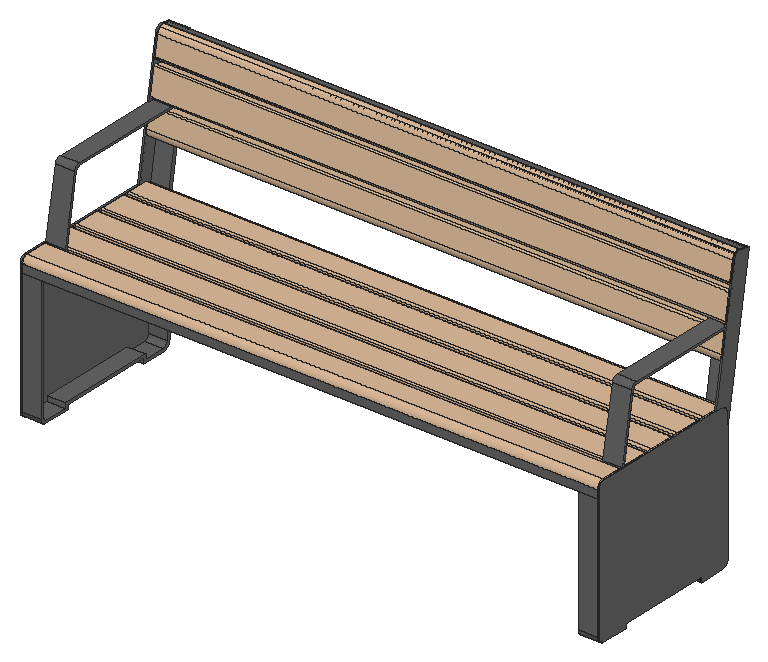
Revit family "1105-S-L", category Meble, Revit 2021
Family settings
  Numer OmniClass = 23.40.20.00
  Tytuł OmniClass = General Furniture and Specialties
  Oparty na płaszczyźnie roboczej = Nie
  Zawsze pionowo = Tak
  Tnij formami wycięć po wczytaniu = Nie
  Współdzielony = Nie
  Punkt obliczania pomieszczeń = Nie
Parameters (values of type "1105-S-L")
  wood = Mobilis Design Wood - Larch
  metal = Mobilis Design RAL 9004
  Width = "58 cm"
  Weight = "70 kg"
  URL = ""
  Seat height = "45 cm"
  Product line = "Centaurus"
  Product Groups = ""
  Manufacturer = ""
  Keynote = ""
  Description = ""
  Model = "1105-S-L"
  Material = ""
  Maintenance = ""
  Lenght = "180 cm"
  Type Comments = ""
  Mobilis Design Materials = ""
  Hosted on = ""
  Height = "86 cm"
  Domyślna rzędna = 0 mm
  Copyright = "All designs and drawings are the common intellectual property of Lars Laj A/S and Tress and are protected by Danish and international copyright laws."
Reference planes
  plane 1 "front": y = 0
  plane 2: z = 0
  plane 3 "Środek (Lewa/Prawa)": x = 0
  plane 4 "left": x = -895
  plane 5 "right": x = 895
  plane 6: x = -835
  plane 7: x = 835
Forms (mm)
  Extrusion 1, solid, material "Mobilis Design Wood - Larch" <- "wood"
    sketch origin (0, -344.601, 21.46) x (0, 1, 0) y (0, 0, 1)
      loop
        arc (260.118, 430.04) -> (256.583, 428.576) -> (255.118, 425.04) r 5
        line (255.118, 425.04) -> (255.118, 388.972)
        arc (255.118, 388.972) -> (255.693, 387.586) -> (257.078, 387.012) r 1.96
        line (257.078, 387.012) -> (342.493, 387.012)
        arc (342.493, 387.012) -> (343.908, 387.598) -> (344.493, 389.012) r 2
        line (344.493, 389.012) -> (344.493, 425.04)
        arc (344.493, 425.04) -> (343.029, 428.576) -> (339.493, 430.04) r 5
        line (339.493, 430.04) -> (260.118, 430.04)
    from -895 to 895
  Extrusion 2, solid, material "Mobilis Design Wood - Larch" <- "wood"
    sketch origin (0, -447.05, 21.46) x (0, 1, 0) y (0, 0, 1)
      loop
        arc (260.118, 430.04) -> (256.583, 428.576) -> (255.118, 425.04) r 5
        line (255.118, 425.04) -> (255.118, 388.972)
        arc (255.118, 388.972) -> (255.693, 387.586) -> (257.078, 387.012) r 1.96
        line (257.078, 387.012) -> (342.493, 387.012)
        arc (342.493, 387.012) -> (343.908, 387.598) -> (344.493, 389.012) r 2
        line (344.493, 389.012) -> (344.493, 425.04)
        arc (344.493, 425.04) -> (343.029, 428.576) -> (339.493, 430.04) r 5
        line (339.493, 430.04) -> (260.118, 430.04)
    from -895 to 895
  Extrusion 3, solid, material "Mobilis Design Wood - Larch" <- "wood"
    sketch origin (0, -242.05, 23.25) x (0, 1, 0) y (0, 0, 1)
      loop
        arc (260.118, 428.25) -> (256.583, 426.786) -> (255.118, 423.25) r 5
        line (255.118, 423.25) -> (255.118, 387.182)
        arc (255.118, 387.182) -> (255.693, 385.796) -> (257.078, 385.222) r 1.96
        line (257.078, 385.222) -> (342.493, 385.222)
        arc (342.493, 385.222) -> (343.908, 385.808) -> (344.493, 387.222) r 2
        line (344.493, 387.222) -> (344.493, 423.25)
        arc (344.493, 423.25) -> (343.029, 426.786) -> (339.493, 428.25) r 5
        line (339.493, 428.25) -> (260.118, 428.25)
    from -895 to 895
  Extrusion 4, solid, material "Mobilis Design Wood - Larch" <- "wood"
    sketch origin (0, 599.153, 450.045) x (0, 0.173648, 0.984808) y (0, -0.984808, 0.173648)
      loop
        arc (260.118, 430.036) -> (256.583, 428.571) -> (255.118, 425.036) r 5
        line (255.118, 425.036) -> (255.118, 389.305)
        arc (255.118, 389.305) -> (255.693, 387.919) -> (257.078, 387.345) r 1.96
        line (257.078, 387.345) -> (341.456, 387.345) -> (341.809, 407.532) -> (343.944, 407.532)
        arc (343.944, 407.532) -> (337.53, 423.428) -> (321.714, 430.036) r 22.231
        line (321.714, 430.036) -> (260.118, 430.036)
    from -895 to 895
  Extrusion 5, solid, material "Mobilis Design Wood - Larch" <- "wood"
    sketch origin (0, 581.082, 348.398) x (0, 0.173648, 0.984808) y (0, -0.984808, 0.173648)
      loop
        arc (260.118, 429.703) -> (256.583, 428.239) -> (255.118, 424.703) r 5
        line (255.118, 424.703) -> (255.118, 388.972)
        arc (255.118, 388.972) -> (255.693, 387.586) -> (257.078, 387.012) r 1.96
        line (257.078, 387.012) -> (342.493, 387.012)
        arc (342.493, 387.012) -> (343.908, 387.598) -> (344.493, 389.012) r 2
        line (344.493, 389.012) -> (344.493, 424.703)
        arc (344.493, 424.703) -> (343.029, 428.239) -> (339.493, 429.703) r 5
        line (339.493, 429.703) -> (260.118, 429.703)
    from -895 to 895
  Extrusion 6, solid, material "Mobilis Design RAL 9004" <- "metal", not visible
    sketch origin (0, 0, 0) x (0, 1, 0) y (0, 0, 1)
      loop
        arc (71.187, 451.5) -> (57.045, 445.642) -> (51.187, 431.5) r 20
        line (51.187, 431.5) -> (51.187, 18.231)
        arc (51.187, 18.231) -> (56.527, 5.34) -> (69.418, 0) r 18.231
        line (69.418, 0) -> (153.638, 0) -> (153.638, 15) -> (448.638, 15) -> (448.638, 0) -> (527.023, 0)
        arc (527.023, 0) -> (542.307, 6.331) -> (548.638, 21.615) r 21.615
        line (548.638, 21.615) -> (548.638, 429.407)
        arc (548.638, 429.407) -> (542.168, 445.029) -> (526.545, 451.5) r 22.093
        line (526.545, 451.5) -> (71.187, 451.5)
    from 750.378 to 745
  Extrusion 7, solid, material "Mobilis Design RAL 9004" <- "metal", not visible
    sketch origin (0, 0, 0) x (0, 1, 0) y (0, 0, 1)
      loop
        line (548.638, 396.844) -> (629.375, 854.725) -> (601.836, 859.581)
        arc (601.836, 859.581) -> (585.224, 855.898) -> (576.082, 841.547) r 22.232
        line (576.082, 841.547) -> (507.306, 451.5) -> (526.545, 451.5)
        arc (526.545, 451.5) -> (542.168, 445.029) -> (548.638, 429.407) r 22.093
        line (548.638, 429.407) -> (548.638, 396.844)
    from 745 to 750.378
  Extrusion 8, solid, material "Mobilis Design RAL 9004" <- "metal"
    sketch origin (-150, -344.57, 0) x (0, -1, 0) y (0, 0, 1)
      loop
        line (-71.187, 451.5) -> (-526.545, 451.5)
        arc (-526.545, 451.5) -> (-542.168, 445.029) -> (-548.638, 429.407) r 22.093
        line (-548.638, 429.407) -> (-548.638, 21.615)
        arc (-548.638, 21.615) -> (-542.307, 6.331) -> (-527.023, 0) r 21.615
        line (-527.023, 0) -> (-448.638, 0) -> (-448.638, 15) -> (-153.638, 15) -> (-153.638, 0) -> (-69.418, 0)
        arc (-69.418, 0) -> (-56.527, 5.34) -> (-51.187, 18.231) r 18.231
        line (-51.187, 18.231) -> (-51.187, 431.5)
        arc (-51.187, 431.5) -> (-57.045, 445.642) -> (-71.187, 451.5) r 20
    from 750.378 to 745
  Extrusion 9, solid, material "Mobilis Design RAL 9004" <- "metal"
    sketch origin (-150, -344.57, 0) x (0, -1, 0) y (0, 0, 1)
      loop
        line (-548.638, 396.844) -> (-548.638, 429.407)
        arc (-548.638, 429.407) -> (-542.168, 445.029) -> (-526.545, 451.5) r 22.093
        line (-526.545, 451.5) -> (-507.306, 451.5) -> (-576.082, 841.547)
        arc (-576.082, 841.547) -> (-585.224, 855.898) -> (-601.836, 859.581) r 22.232
        line (-601.836, 859.581) -> (-629.375, 854.725) -> (-548.638, 396.844)
    from 745 to 750.378
  Extrusion 10, solid, material "Mobilis Design RAL 9004" <- "metal"
    sketch origin (0, -344.57, 0) x (0, 1, 0) y (0, 0, 1)
      loop
        line (548.638, 396.844) -> (629.375, 854.725) -> (621.989, 856.027) -> (543.073, 408.472) -> (51.187, 408.472) -> (51.187, 18.763)
        arc (51.187, 18.763) -> (56.683, 5.495) -> (69.95, 0) r 18.763
        line (69.95, 0) -> (153.638, 0) -> (153.638, 15) -> (448.638, 15) -> (448.638, 0) -> (525.342, 0)
        arc (525.342, 0) -> (541.815, 6.823) -> (548.638, 23.296) r 23.296
        line (548.638, 23.296) -> (548.638, 396.844)
      loop
        line (58.687, 400.262) -> (58.687, 18.763)
        arc (58.687, 18.763) -> (61.986, 10.799) -> (69.95, 7.5) r 11.263
        line (69.95, 7.5) -> (146.138, 7.5) -> (146.138, 22.5) -> (456.138, 22.5) -> (456.138, 7.5) -> (525.342, 7.5)
        arc (525.342, 7.5) -> (536.512, 12.127) -> (541.138, 23.296) r 15.796
        line (541.138, 23.296) -> (541.138, 400.262) -> (58.687, 400.262)
    from -895 to -835
  Extrusion 11, solid, material "Mobilis Design RAL 9004" <- "metal"
    sketch origin (0, -344.57, 0) x (0, 1, 0) y (0, 0, -1)
      loop
        line (548.638, -396.844) -> (548.638, -23.296)
        arc (548.638, -23.296) -> (541.815, -6.823) -> (525.342, 0) r 23.296
        line (525.342, 0) -> (448.638, 0) -> (448.638, -15) -> (153.638, -15) -> (153.638, 0) -> (69.95, 0)
        arc (69.95, 0) -> (56.683, -5.495) -> (51.187, -18.763) r 18.763
        line (51.187, -18.763) -> (51.187, -408.472) -> (543.073, -408.472) -> (621.989, -856.027) -> (629.375, -854.725) -> (548.638, -396.844)
      loop
        line (58.687, -400.262) -> (541.138, -400.262) -> (541.138, -23.296)
        arc (541.138, -23.296) -> (536.512, -12.127) -> (525.342, -7.5) r 15.796
        line (525.342, -7.5) -> (456.138, -7.5) -> (456.138, -22.5) -> (146.138, -22.5) -> (146.138, -7.5) -> (69.95, -7.5)
        arc (69.95, -7.5) -> (61.986, -10.799) -> (58.687, -18.763) r 11.263
        line (58.687, -18.763) -> (58.687, -400.262)
    from -895 to -835
  Extrusion 12, solid, material "Mobilis Design RAL 9004" <- "metal"
    sketch origin (0, -344.57, -4.153) x (0, 1, 0) y (0, 0, -1)
      loop
        line (576.581, -588.288) -> (574.307, -588.689) -> (618.839, -841.241) -> (621.113, -840.84) -> (576.581, -588.288)
      loop
        line (527.869, -412.623) -> (527.869, -409.721) -> (72.033, -409.721) -> (72.033, -412.623) -> (527.869, -412.623)
    from -255.616 to -315.616
  Extrusion 13, solid, material "Mobilis Design RAL 9004" <- "metal"
    sketch origin (150, -344.57, 0) x (0, 1, 0) y (0, 0, 1)
      loop
        arc (71.187, 451.5) -> (57.045, 445.642) -> (51.187, 431.5) r 20
        line (51.187, 431.5) -> (51.187, 18.231)
        arc (51.187, 18.231) -> (56.527, 5.34) -> (69.418, 0) r 18.231
        line (69.418, 0) -> (153.638, 0) -> (153.638, 15) -> (448.638, 15) -> (448.638, 0) -> (527.023, 0)
        arc (527.023, 0) -> (542.307, 6.331) -> (548.638, 21.615) r 21.615
        line (548.638, 21.615) -> (548.638, 429.407)
        arc (548.638, 429.407) -> (542.168, 445.029) -> (526.545, 451.5) r 22.093
        line (526.545, 451.5) -> (71.187, 451.5)
    from 750.378 to 745
  Extrusion 14, solid, material "Mobilis Design RAL 9004" <- "metal"
    sketch origin (150, -344.57, 0) x (0, 1, 0) y (0, 0, 1)
      loop
        line (548.638, 396.844) -> (629.375, 854.725) -> (601.836, 859.581)
        arc (601.836, 859.581) -> (585.224, 855.898) -> (576.082, 841.547) r 22.232
        line (576.082, 841.547) -> (507.306, 451.5) -> (526.545, 451.5)
        arc (526.545, 451.5) -> (542.168, 445.029) -> (548.638, 429.407) r 22.093
        line (548.638, 429.407) -> (548.638, 396.844)
    from 745 to 750.378
  Extrusion 15, solid, material "Mobilis Design RAL 9004" <- "metal"
    sketch origin (-600, -344.57, 0) x (0, 1, 0) y (0, 0, -1)
      loop
        line (201.286, -666.675) -> (591.375, -666.675) -> (590.359, -660.675) -> (201.286, -660.675)
        arc (201.286, -660.675) -> (192.655, -657.664) -> (187.77, -649.936) r 13.876
        line (187.77, -649.936) -> (151.888, -450) -> (151.796, -407) -> (145.796, -407) -> (145.796, -450) -> (181.888, -651.132)
        arc (181.888, -651.132) -> (188.672, -662.542) -> (201.286, -666.675) r 18.898
    from 235.625 to 295.625
  Extrusion 16, solid, material "Mobilis Design RAL 9004" <- "metal"
    sketch origin (600, -344.57, 0) x (0, 1, 0) y (0, 0, 1)
      loop
        arc (201.286, 666.675) -> (188.672, 662.542) -> (181.888, 651.132) r 18.898
        line (181.888, 651.132) -> (145.796, 450) -> (145.796, 407) -> (151.796, 407) -> (151.888, 450) -> (187.77, 649.936)
        arc (187.77, 649.936) -> (192.655, 657.664) -> (201.286, 660.675) r 13.876
        line (201.286, 660.675) -> (590.359, 660.675) -> (591.375, 666.675) -> (201.286, 666.675)
    from 235.625 to 295.625
  Extrusion 17, solid, material "Mobilis Design Wood - Larch" <- "wood"
    sketch origin (0, 599.918, 450.521) x (0, 0.173648, 0.984808) y (0, -0.984808, 0.173648)
      loop
        arc (260.118, 430.036) -> (256.583, 428.571) -> (255.118, 425.036) r 5
        line (255.118, 425.036) -> (255.118, 389.305)
        arc (255.118, 389.305) -> (255.693, 387.919) -> (257.078, 387.345) r 1.96
        line (257.078, 387.345) -> (340.844, 387.345) -> (341.15, 404.888) -> (343.753, 404.888)
        arc (343.753, 404.888) -> (338.433, 422.457) -> (321.714, 430.036) r 22.231
        line (321.714, 430.036) -> (260.118, 430.036)
    from -895 to 895
  Extrusion 18, solid, material "Mobilis Design RAL 9004" <- "metal"
    sketch origin (0, -343.806, 0.475) x (0, 1, 0) y (0, 0, 1)
      loop
        line (624.002, 855.496) -> (601.449, 859.653) -> (600.947, 856.808) -> (620.801, 853.149) -> (617.879, 836.578) -> (620.428, 836.108) -> (624.002, 855.496)
    from -895 to 895
  Extrusion 19, solid, material "Mobilis Design Wood - Larch" <- "wood"
    sketch origin (0, 667.66, 836.612) x (0, -0.173648, -0.984808) y (0, 0.984808, -0.173648)
      loop
        line (260.118, -430.036) -> (321.714, -430.036)
        arc (321.714, -430.036) -> (338.433, -422.457) -> (343.753, -404.888) r 22.231
        line (343.753, -404.888) -> (341.15, -404.888) -> (340.85, -387.684) -> (257.078, -387.684)
        arc (257.078, -387.684) -> (255.693, -388.258) -> (255.118, -389.644) r 1.96
        line (255.118, -389.644) -> (255.118, -425.036)
        arc (255.118, -425.036) -> (256.583, -428.571) -> (260.118, -430.036) r 5
    from -895 to 895
  Extrusion 20, solid, material "Mobilis Design RAL 9004" <- "metal"
    sketch origin (0, -63.93, 1582.697) x (0, 0.93912, -0.34359) y (0, 0.34359, 0.93912)
      loop
        line (624.597, -855.386) -> (621.023, -835.998) -> (618.538, -836.456) -> (621.46, -853.027) -> (604.207, -856.208) -> (604.709, -859.052) -> (624.597, -855.386)
    from -895 to 895
  Extrusion 21, solid, material "Mobilis Design Wood - Larch" <- "wood"
    sketch origin (0, -549.066, 22.143) x (0, 1, 0) y (0, 0, 1)
      loop
        arc (275.801, 429.357) -> (261.616, 423.481) -> (255.74, 409.296) r 20.061
        line (255.74, 409.296) -> (255.74, 407.796) -> (259.646, 407.796) -> (259.646, 387.372) -> (277.569, 387.372) -> (277.569, 386.329) -> (343.118, 386.329)
        arc (343.118, 386.329) -> (344.532, 386.915) -> (345.117, 388.328) r 1.999
        line (345.117, 388.328) -> (345.117, 424.359)
        arc (345.117, 424.359) -> (343.653, 427.893) -> (340.119, 429.357) r 4.998
        line (340.119, 429.357) -> (275.801, 429.357)
    from -895 to 895
  Extrusion 22, solid, material "Mobilis Design RAL 9004" <- "metal"
    sketch origin (0, 167.12, 1359.688) x (0, -0.983564, -0.180562) y (0, 0.180562, -0.983564)
      loop
        line (625.221, 855.287) -> (604.709, 859.052) -> (604.185, 856.198) -> (621.585, 853.004) -> (617.709, 831.889) -> (620.802, 831.319) -> (625.221, 855.287)
    from -895 to 895
  Extrusion 23, solid, material "Mobilis Design Wood - Larch" <- "wood"
    sketch origin (0, 459.806, 20.892) x (0, -1, 0) y (0, 0, -1)
      loop
        line (275.801, -430.608) -> (340.119, -430.608)
        arc (340.119, -430.608) -> (343.653, -429.145) -> (345.117, -425.611) r 4.998
        line (345.117, -425.611) -> (345.117, -389.58)
        arc (345.117, -389.58) -> (344.532, -388.166) -> (343.118, -387.58) r 1.999
        line (343.118, -387.58) -> (277.569, -387.58) -> (277.569, -388.734) -> (258.947, -388.734) -> (258.947, -407.796) -> (255.74, -407.796) -> (255.74, -410.547)
        arc (255.74, -410.547) -> (261.616, -424.733) -> (275.801, -430.608) r 20.061
    from -895 to 895
  Extrusion 24, solid, material "Mobilis Design RAL 9004" <- "metal"
    sketch origin (0, -256.379, 1359.673) x (0, 0.983564, -0.180562) y (0, 0.180562, 0.983564)
      loop
        line (625.163, -855.282) -> (620.971, -832.545) -> (617.947, -833.102) -> (621.462, -853.04) -> (604.207, -856.208) -> (604.726, -859.034) -> (625.163, -855.282)
    from -895 to 895
  Extrusion 25, solid, material "Mobilis Design RAL 9004" <- "metal"
    sketch origin (0, -344.57, -4.153) x (0, 1, 0) y (0, 0, 1)
      loop
        line (576.581, 588.288) -> (621.113, 840.84) -> (618.839, 841.241) -> (574.307, 588.689) -> (576.581, 588.288)
      loop
        line (527.869, 412.623) -> (72.033, 412.623) -> (72.033, 409.721) -> (527.869, 409.721) -> (527.869, 412.623)
    from -255.616 to -315.616
Lines and regions (mm)
  model lines, style "9"
    curve 1: line (-895, -744.003, 0) -> (-895, -750.003, 0)
    curve 2: line (-895, -444.003, 0) -> (-895, -438.003, 0)
Dimensions and locks
  Extrusion 1 sketch curve to Extrusion 1 sketch curve = 89.375 mm
  Extrusion 1 sketch curve to Extrusion 1 sketch curve = 43.028 mm
  Extrusion 2 sketch curve to Extrusion 2 sketch curve = 89.375 mm
  Extrusion 2 sketch curve to Extrusion 2 sketch curve = 43.028 mm
  Extrusion 3 sketch curve to Extrusion 3 sketch curve = 89.375 mm
  Extrusion 3 sketch curve to Extrusion 3 sketch curve = 43.028 mm
  Extrusion 4 sketch curve to Extrusion 4 sketch curve = 42.691 mm
  Extrusion 5 sketch curve to Extrusion 5 sketch curve = 89.375 mm
  Extrusion 5 sketch curve to Extrusion 5 sketch curve = 42.691 mm
  Extrusion 17 sketch curve to Extrusion 17 sketch curve = 42.691 mm
  Extrusion 19 sketch curve to Extrusion 19 sketch curve = 42.351 mm
  Extrusion 21 sketch curve to Extrusion 21 sketch curve = 43.028 mm
  Extrusion 23 sketch curve to Extrusion 23 sketch curve = 43.028 mm
  aligned and locked: level to plane 2
  aligned and locked: Extrusion 1 to plane 5 "right"
  aligned and locked: Extrusion 1 to plane 4 "left"
  aligned and locked: plane 5 "right" to Extrusion 3
  aligned and locked: Extrusion 2 to plane 5 "right"
  aligned and locked: plane 5 "right" to Extrusion 4
  aligned and locked: plane 5 "right" to Extrusion 5
  aligned and locked: Extrusion 4 to plane 4 "left"
  aligned and locked: Extrusion 5 to plane 4 "left"
  aligned and locked: Extrusion 3 to plane 4 "left"
  aligned and locked: plane 4 "left" to Extrusion 2
  aligned and locked: Extrusion 8 to Extrusion 9
  aligned and locked: Extrusion 8 to plane 4 "left"
  aligned and locked: Extrusion 10 to plane 4 "left"
  aligned and locked: plane 6 to Extrusion 10
  aligned and locked: plane 7 to Extrusion 11
  aligned and locked: Extrusion 11 to plane 5 "right"
  aligned and locked: Extrusion 13 to Extrusion 14
